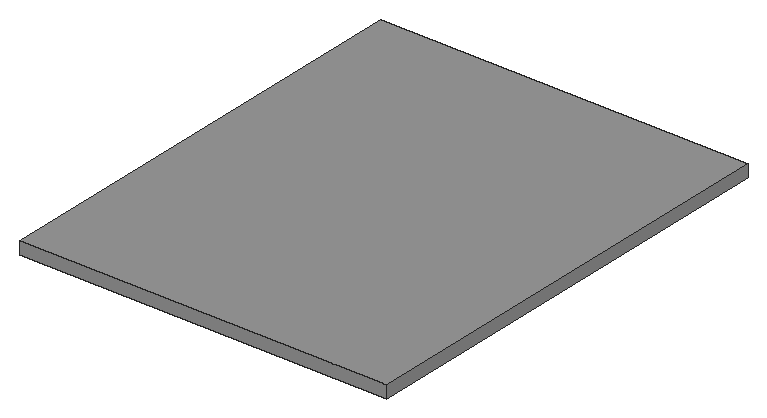
Revit family "Manhole Cover Square", category Generic Models, host Floor, Revit 2022
Family settings
  Host = Floor
  Can host rebar = No
  Round Connector Dimension = Use Diameter
  Part Type = Normal
  Always vertical = No
  Cut with Voids When Loaded = Yes
  Maintain Annotation Orientation = No
  Shared = No
  Room Calculation Point = No
Parameters
  Width [instance] = 1472.318 mm
  Lenght [instance] = 1806.393 mm
  Height [instance] = 50 mm
  Default Elevation = 0 mm
Reference planes
  plane 1 "Center (Front/Back)": y = 0
  plane 2: z = 0
  plane 3 "Center (Left/Right)": x = 0
Forms (mm)
  Extrusion 1, solid, material "Concrete"
    sketch origin (0, 0, 0) x (1, 0, 0) y (0, 1, 0)
      loop
        line (-736.159, 903.196) -> (-736.159, -903.196) -> (736.159, -903.196) -> (736.159, 903.196) -> (-736.159, 903.196)
    from 0 to 50
Dimensions and locks
  equal spacing: Extrusion 1 sketch curve, plane 3 "Center (Left/Right)", Extrusion 1 sketch curve
  equal spacing: Extrusion 1 sketch curve, plane 1 "Center (Front/Back)", Extrusion 1 sketch curve
  "Width": Extrusion 1 sketch curve to Extrusion 1 sketch curve
  "Lenght": Extrusion 1 sketch curve to Extrusion 1 sketch curve
  "Height": Extrusion 1 to plane 2
  aligned and locked: level to plane 2
  aligned and locked: Extrusion 1 to level
